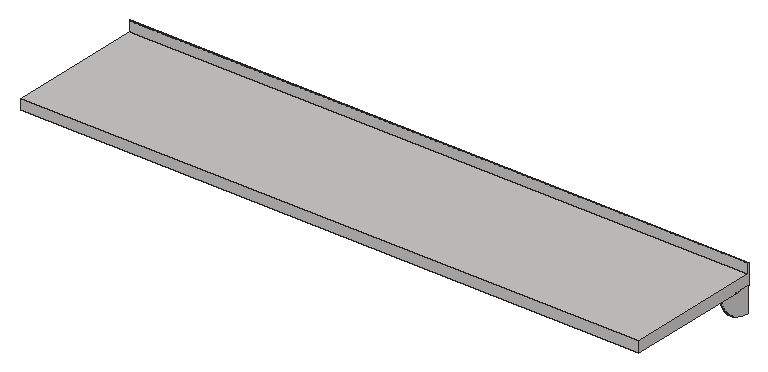
Revit family "QF_ZANUSSI_132827_WSS184N", category Attrezzature speciali, Revit 2020
Family settings
  Quota connettore circolare = Usa diametro
  Tipo di parte = Normale
  Basato su piano di lavoro = No
  Sempre verticale = Sì
  Taglio con vuoti quando caricato = No
  Condiviso = No
  Punto di calcolo locali = No
Parameters (values of type "Standard")
  Weight = 8.00 kg
  Watts = 0 W
  Volts = 0 V
  URL Manufacturer = "http://www.zanussiprofessional.com"
  URL = "http://www.zanussiprofessional.com"
  Steam Supply Size = 0 mm
  Steam Supply Minimum Pressure = 0.0 Pa
  Steam Supply Maximum Pressure = 0.0 Pa
  Steam Consumption per Hour = 0
  Refrigeration Suction Line Size = 0.0 mm
  Refrigeration Liquid Line Size = 0.0 mm
  Refrigerant Compressor Remote = yes
  Prospetto di default = 0.0 mm
  Produttore = "Zanussi"
  Phase = 0
  Modello = "WSS184N"
  Length Actual = 1800.0 mm  # constant formula
  Item Number = "132827"
  Hot Water Size = 0 mm
  Height Actual = 30.0 mm  # constant formula
  HP = "0 HP"
  Gas Size = 0 mm
  Gas KW = 0
  Gas Input Pressure = 0 W
  Direct Waste Size = 0 mm
  Descrizione = "SOLID WALL SHELF WITH BRACKETS 1800 MM"
  Depth Actual = 400.0 mm  # constant formula
  Cycle = 0 Hz
  Condensate Return Size = 0 mm
  Compressed Air Volume = 0.0 L/s
  Compressed Air Size = 0 mm
  Compressed Air Pressure = 0.0 Pa
  Cold Water Size = 0 mm
  Accessory = yes
Reference planes
  plane 1 "Center (Front/Back)": y = 0
  plane 2: z = 0
  plane 3 "Center (Left/Right)": x = -400
  plane 4 "LEFT": x = -1300
  plane 5 "RIGHT": x = 500
  plane 6 "BACK": y = 50
  plane 7 "FRONT": y = -350
  plane 8 "TOP": z = 132
  plane 9: z = 102
  plane 10: z = 72
Forms (mm)
  Extrusion 1, solid, material "QF_Finishes_Stainless Steel"
    sketch origin (-400, 0, 0) x (0, 1, 0) y (0, 0, 1)
      loop
        line (48, 102) -> (-350, 102) -> (-350, 72) -> (50, 72) -> (50, 132) -> (48, 132) -> (48, 102)
    from 900 to -900
  Extrusion 2, solid, material "QF_Finishes_Stainless Steel"
    sketch origin (-1300, 0, 0) x (0, 1, 0) y (0, 0, 1)
      loop
        line (50, 72) -> (-50, 72)
        arc (-50, 72) -> (-13.401, 19.967) -> (47, 0) r 101.34
        line (47, 0) -> (50, 0) -> (50, 72)
    from 0 to 3
  Extrusion 3, solid, material "QF_Finishes_Stainless Steel"
    sketch origin (500, 0, 0) x (0, 1, 0) y (0, 0, 1)
      loop
        line (50, 72) -> (-50, 72)
        arc (-50, 72) -> (-13.401, 19.967) -> (47, 0) r 101.34
        line (47, 0) -> (50, 0) -> (50, 72)
    from 0 to -3
  Extrusion 4, solid, material "QF_Finishes_Stainless Steel"
    sketch origin (0, 50, 0) x (-1, 0, 0) y (0, 0, 1)
      loop
        line (1297, 72) -> (1270, 72) -> (1270, 0) -> (1297, 0) -> (1297, 72)
      loop
        arc (1278.5, 10) -> (1275.5, 7) -> (1278.5, 4) r 3
        line (1278.5, 4) -> (1288.5, 4)
        arc (1288.5, 4) -> (1291.5, 7) -> (1288.5, 10) r 3
        line (1288.5, 10) -> (1278.5, 10)
    from 0 to -3
  Extrusion 5, solid, material "QF_Finishes_Stainless Steel"
    sketch origin (0, 50, 0) x (1, 0, 0) y (0, 0, -1)
      loop
        line (497, -72) -> (497, 0) -> (470, 0) -> (470, -72) -> (497, -72)
      loop
        line (478.5, -10) -> (488.5, -10)
        arc (488.5, -10) -> (491.5, -7) -> (488.5, -4) r 3
        line (488.5, -4) -> (478.5, -4)
        arc (478.5, -4) -> (475.5, -7) -> (478.5, -10) r 3
    from 0 to -3
Lines and regions (mm)
  symbolic lines
    curve 1: line (500, 50, 132) -> (-1300, 50, 132)
    curve 2: line (-1300, 50, 132) -> (-1300, -350, 132)
    curve 3: line (-1300, -350, 132) -> (500, -350, 132)
    curve 4: line (500, -350, 132) -> (500, 50, 132)
    curve 5: line (500, 48, 132) -> (-1300, 48, 132)
Dimensions and locks
  plane 4 "LEFT" to plane 5 "RIGHT" = 1800.0 mm
  equal spacing: plane 4 "LEFT", plane 3 "Center (Left/Right)", plane 5 "RIGHT"
  locked: plane 8 "TOP" to level at 132
  plane 6 "BACK" to plane 7 "FRONT" = 400.0 mm
  plane 6 "BACK" to plane 1 "Center (Front/Back)" to plane 7 "FRONT" = 50.0 mm, 350.0 mm
  locked: plane 8 "TOP" to plane 9 at 30
  plane 9 to plane 10 = 30.0 mm
  locked: Extrusion 4 sketch curve to Extrusion 2 at 27
  aligned and locked: level to plane 2
  aligned and locked: Extrusion 1 to plane 4 "LEFT"
  aligned and locked: plane 5 "RIGHT" to Extrusion 1
  aligned and locked: curve 2 to plane 4 "LEFT"
  aligned and locked: Extrusion 1 sketch curve to plane 9
  aligned and locked: Extrusion 4 sketch curve to Extrusion 2
  aligned and locked: Extrusion 4 sketch curve to Extrusion 1
  aligned and locked: Extrusion 4 sketch curve to level
  aligned and locked: plane 6 "BACK" to Extrusion 3 sketch curve
  aligned and locked: Extrusion 3 sketch curve to plane 10
  aligned and locked: Extrusion 3 sketch curve to level
  aligned and locked: plane 6 "BACK" to Extrusion 2 sketch curve
  aligned and locked: Extrusion 2 sketch curve to plane 10
  aligned and locked: Extrusion 2 sketch curve to level
Automatic sketch dimensions
  Extrusion 1 sketch curve to plane 7 "FRONT" = 0.0 mm
  Extrusion 1 sketch curve to plane 8 "TOP" = 0.0 mm
  Extrusion 1 sketch curve to plane 6 "BACK" = 0.0 mm
  Extrusion 1 sketch curve to plane 10 = 0.0 mm
  Extrusion 1 sketch curve to plane 6 "BACK" = 2.0 mm
  Extrusion 2 sketch curve to Extrusion 2 sketch curve = 3.0 mm
  plane 1 "Center (Front/Back)" to Extrusion 2 sketch curve = 50.0 mm
  Extrusion 3 sketch curve to Extrusion 3 sketch curve = 3.0 mm
  plane 1 "Center (Front/Back)" to Extrusion 3 sketch curve = 50.0 mm
  Extrusion 4 sketch curve to Extrusion 4 sketch curve = 8.5 mm
  Extrusion 4 sketch curve to Extrusion 4 sketch curve = 10.0 mm
  level to Extrusion 4 sketch curve = 4.0 mm
  Extrusion 4 sketch curve to Extrusion 4 sketch curve = 3.0 mm
  curve 3 to plane 7 "FRONT" = 0.0 mm
  curve 5 to plane 5 "RIGHT" = 0.0 mm
  curve 4 to plane 6 "BACK" = 0.0 mm
  curve 5 to plane 6 "BACK" = 2.0 mm
  Extrusion 5 sketch curve to plane 10 = 0.0 mm
  Extrusion 5 sketch curve to level = 0.0 mm
  plane 5 "RIGHT" to Extrusion 5 sketch curve = 30.0 mm
  Extrusion 5 sketch curve to Extrusion 5 sketch curve = 8.5 mm
  Extrusion 5 sketch curve to Extrusion 5 sketch curve = 10.0 mm
  plane 5 "RIGHT" to Extrusion 5 sketch curve = 3.0 mm
  Extrusion 5 sketch curve to level = 4.0 mm
  Extrusion 5 sketch curve to Extrusion 5 sketch curve = 3.0 mm
